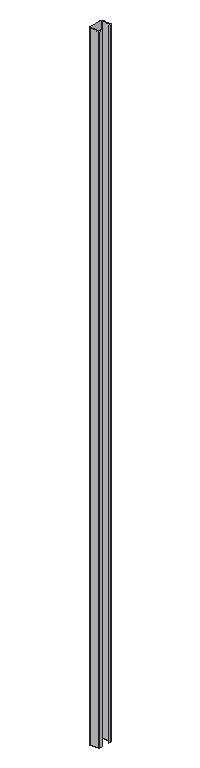
Revit family "SSFSA-STUD-EQS", category Structural Columns, Revit 2026
Family settings
  Section Shape = Not Defined
  Material for Model Behavior = Other
  Always export as geometry = No
  Beam cutback in plan = From bounding box
  Classification Number = 23.25.30.11.14.11
  Cut with Voids When Loaded = No
  Symbolic Representation = From Family
  Shared = No
  Show family pre-cut in plan views = Yes
Parameters
  t = 0.031"
  r = 0.078"
  l = 0.500"
  f = 1.625"
  d = 2.500"
Reference planes (in)
  plane 1 "Center (Front/Back)": y = 0
  plane 2: z = 0
  plane 3 "Center (Left/Right)": x = 0
  plane 4 "Right": x = 1.625
  plane 5 "Back": y = 1.25
  plane 6 "Front": y = -1.25
  plane 7: y = 1.219
  plane 8: y = -1.219
  plane 9: y = -0.75
  plane 10: y = 0.75
  plane 11: y = 1.141
  plane 12: y = -1.141
  plane 13: x = 0.031
  plane 14: x = 0.109
  plane 15: x = 1.594
  plane 16: x = 1.516
Forms (in)
  Sweep 1, solid
    path origin (0.8125, 0, 0) x (1, 0, 0) y (0, 0, 1)
      loop
        line (0, 108) -> (0, 0)
    profile origin (0.8125, 0, 54) x (0, -1, 0) y (1, 0, 0)
      loop
        arc (-1.25, -0.7035) -> (-1.21807, -0.78057) -> (-1.141, -0.8125) r 0.109
        line (-1.141, -0.8125) -> (1.141, -0.8125)
        arc (1.141, -0.8125) -> (1.21807, -0.78057) -> (1.25, -0.7035) r 0.109
        line (1.25, -0.7035) -> (1.25, 0.7035)
        arc (1.25, 0.7035) -> (1.21807, 0.78057) -> (1.141, 0.8125) r 0.109
        line (1.141, 0.8125) -> (0.75, 0.8125) -> (0.75, 0.7815) -> (1.141, 0.7815)
        arc (1.141, 0.7815) -> (1.19615, 0.75865) -> (1.219, 0.7035) r 0.078
        line (1.219, 0.7035) -> (1.219, -0.7035)
        arc (1.219, -0.7035) -> (1.19615, -0.75865) -> (1.141, -0.7815) r 0.078
        line (1.141, -0.7815) -> (-1.141, -0.7815)
        arc (-1.141, -0.7815) -> (-1.19615, -0.75865) -> (-1.219, -0.7035) r 0.078
        line (-1.219, -0.7035) -> (-1.219, 0.7035)
        arc (-1.219, 0.7035) -> (-1.19615, 0.75865) -> (-1.141, 0.7815) r 0.078
        line (-1.141, 0.7815) -> (-0.75, 0.7815) -> (-0.75, 0.8125) -> (-1.141, 0.8125)
        arc (-1.141, 0.8125) -> (-1.21807, 0.78057) -> (-1.25, 0.7035) r 0.109
        line (-1.25, 0.7035) -> (-1.25, -0.7035)
Lines and regions (in)
  model lines
    curve 1: line (0.109, 1.25, 0) -> (1.516, 1.25, 0)
    curve 2: line (1.594, 0.75, 0) -> (1.625, 0.75, 0)
    curve 3: line (1.625, 0.75, 0) -> (1.625, 1.141, 0)
    curve 4: line (1.625, -1.141, 0) -> (1.625, -0.75, 0)
    curve 5: line (1.625, -0.75, 0) -> (1.594, -0.75, 0)
    curve 6: line (0.109, -1.25, 0) -> (1.516, -1.25, 0)
    curve 7: line (0, 1.141, 0) -> (0, -1.141, 0)
    curve 8: line (0.109, -1.219, 0) -> (1.516, -1.219, 0)
    curve 9: line (0.031, 1.141, 0) -> (0.031, -1.141, 0)
    curve 10: arc (0.109, 1.25, 0) -> (0.03193, 1.21807, 0) -> (0, 1.141, 0) r 0.109
    curve 11: arc (0.109, 1.219, 0) -> (0.05385, 1.19615, 0) -> (0.031, 1.141, 0) r 0.078
    curve 12: arc (1.516, 1.25, 0) -> (1.59307, 1.21807, 0) -> (1.625, 1.141, 0) r 0.109
    curve 13: arc (0.109, -1.25, 0) -> (0.03193, -1.21807, 0) -> (0, -1.141, 0) r 0.109
    curve 14: arc (0.109, -1.219, 0) -> (0.05385, -1.19615, 0) -> (0.031, -1.141, 0) r 0.078
    curve 15: arc (1.516, -1.25, 0) -> (1.59307, -1.21807, 0) -> (1.625, -1.141, 0) r 0.109
    curve 16: line (1.594, 0.75, 0) -> (1.594, 1.141, 0)
    curve 17: line (0.109, 1.219, 0) -> (1.516, 1.219, 0)
    curve 18: arc (1.594, 1.141, 0) -> (1.57115, 1.19615, 0) -> (1.516, 1.219, 0) r 0.078
    curve 19: line (1.594, -1.141, 0) -> (1.594, -0.75, 0)
    curve 20: arc (1.594, -1.141, 0) -> (1.57115, -1.19615, 0) -> (1.516, -1.219, 0) r 0.078
Dimensions and locks (in)
  plane 3 "Center (Left/Right)" to plane 4 "Right" = 1.625"
  equal spacing: plane 6 "Front", plane 1 "Center (Front/Back)", plane 5 "Back"
  "d": plane 6 "Front" to plane 5 "Back"
  "t": plane 7 to plane 5 "Back"
  "r": plane 11 to plane 7
  "t": plane 6 "Front" to plane 8
  "r": plane 8 to plane 12
  "l": plane 6 "Front" to plane 9
  "l": plane 10 to plane 5 "Back"
  "r": plane 13 to plane 14
  "t": plane 4 "Right" to plane 15
  "r": plane 15 to plane 16
  "t": plane 3 "Center (Left/Right)" to plane 13
  "f": plane 3 "Center (Left/Right)" to plane 4 "Right"
  aligned and locked: level to plane 2
  aligned and locked: Sweep 1 sketch curve to curve 12
  aligned and locked: Sweep 1 sketch curve to curve 3
  aligned and locked: Sweep 1 sketch curve to curve 2
  aligned and locked: Sweep 1 sketch curve to curve 16
  aligned and locked: Sweep 1 sketch curve to curve 18
  aligned and locked: Sweep 1 sketch curve to curve 11
  aligned and locked: Sweep 1 sketch curve to curve 10
  aligned and locked: Sweep 1 sketch curve to curve 13
  aligned and locked: Sweep 1 sketch curve to curve 14
  aligned and locked: Sweep 1 sketch curve to curve 20
  aligned and locked: Sweep 1 sketch curve to curve 15
  aligned and locked: Sweep 1 sketch curve to curve 5
Automatic sketch dimensions
  curve 10 to curve 11 = 0.000"  (x2)
  curve 12 to curve 18 = 0.000"  (x2)
  curve 13 to curve 14 = 0.000"  (x3)
  curve 15 to curve 20 = 0.000"  (x3)
  plane 11 to curve 11 = 0.000"
  curve 11 to plane 13 = 0.000"
  curve 11 to plane 14 = 0.000"
  plane 6 "Front" to curve 6 = 0.000"
  curve 6 to plane 14 = 0.000"
  curve 17 to plane 16 = 0.000"
  plane 9 to curve 5 = 0.000"
  plane 10 to curve 2 = 0.000"
  curve 2 to plane 15 = 0.000"
  plane 12 to curve 20 = 0.000"
  curve 20 to plane 15 = 0.000"
  Sweep 1 sketch curve to level = 0.000"  (x2)
  plane 3 "Center (Left/Right)" to Sweep 1 sketch curve = 0.8125"
  plane 12 to curve 13 = 0.000"
